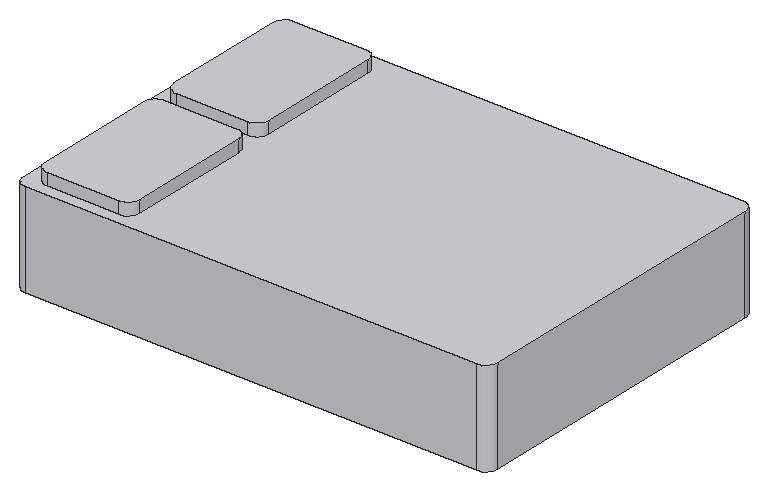
Revit family "Bed", category Furniture, Revit 2017
Family settings
  OmniClass Number = 23.40.20.00
  OmniClass Title = General Furniture and Specialties
  Work Plane-Based = Yes
  Always vertical = Yes
  Cut with Voids When Loaded = No
  Shared = No
  Room Calculation Point = No
Parameters (values of type "1400x2000mm")
  Single bed = no
  Pillow materiale = none
  Double bed = yes
  Distance from wall = 50 mm
  Default Elevation = 0 mm
  Creator Build [instance] = "2016.0418.0"  # constant formula
  Corner rounding = 50 mm
  Bed width = 1400 mm
  Bed materiale = none
  Bed length = 2000 mm
Types (5, lengths in mm): name | Single bed | Double bed | Bed width
  900x2000mm | yes | no | 900
  1600x2000mm | no | yes | 1600
  1800x2000mm | no | yes | 2000
  800x2000mm | yes | no | 800
  1400x2000mm | no | yes | 1400
Reference planes
  plane 1 "Center (Front/Back)": y = 0
  plane 2: z = 0
  plane 3 "Center (Left/Right)": x = 0
  plane 4: y = 700
  plane 5: y = -700
  plane 6 "Top bed": z = 400
  plane 7: x = 50
  plane 8 "Bed length": x = 2050
Forms (mm)
  Extrusion 1, solid, material <- "Bed materiale"
    sketch origin (0, 0, 0) x (1, 0, 0) y (0, 1, 0)
      loop
        arc (100, 700) -> (64.645, 685.355) -> (50, 650) r 50
        line (50, 650) -> (50, -650)
        arc (50, -650) -> (64.645, -685.355) -> (100, -700) r 50
        line (100, -700) -> (2000, -700)
        arc (2000, -700) -> (2035.355, -685.355) -> (2050, -650) r 50
        line (2050, -650) -> (2050, 650)
        arc (2050, 650) -> (2035.355, 685.355) -> (2000, 700) r 50
        line (2000, 700) -> (100, 700)
    from 0 to 400
  Extrusion 2, solid, material <- "Pillow materiale", visible <- "Double bed"
    sketch origin (0, 0, 400) x (-1, 0, 0) y (0, -1, 0)
      loop
        line (-150, 650) -> (-450, 650)
        arc (-450, 650) -> (-485.355, 635.355) -> (-500, 600) r 50
        line (-500, 600) -> (-500, 80)
        arc (-500, 80) -> (-485.355, 44.645) -> (-450, 30) r 50
        line (-450, 30) -> (-150, 30)
        arc (-150, 30) -> (-114.645, 44.645) -> (-100, 80) r 50
        line (-100, 80) -> (-100, 600)
        arc (-100, 600) -> (-114.645, 635.355) -> (-150, 650) r 50
      loop
        arc (-150, -650) -> (-114.645, -635.355) -> (-100, -600) r 50
        line (-100, -600) -> (-100, -80)
        arc (-100, -80) -> (-114.645, -44.645) -> (-150, -30) r 50
        line (-150, -30) -> (-450, -30)
        arc (-450, -30) -> (-485.355, -44.645) -> (-500, -80) r 50
        line (-500, -80) -> (-500, -600)
        arc (-500, -600) -> (-485.355, -635.355) -> (-450, -650) r 50
        line (-450, -650) -> (-150, -650)
    from 0 to 50
  Extrusion 3, solid, material <- "Pillow materiale", visible <- "Single bed"
    sketch origin (0, 0, 400) x (-1, 0, 0) y (0, -1, 0)
      loop
        line (-150, 650) -> (-450, 650)
        arc (-450, 650) -> (-485.355, 635.355) -> (-500, 600) r 50
        line (-500, 600) -> (-500, -600)
        arc (-500, -600) -> (-485.355, -635.355) -> (-450, -650) r 50
        line (-450, -650) -> (-150, -650)
        arc (-150, -650) -> (-114.645, -635.355) -> (-100, -600) r 50
        line (-100, -600) -> (-100, 600)
        arc (-100, 600) -> (-114.645, 635.355) -> (-150, 650) r 50
    from 0 to 50
Dimensions and locks
  "Distance from wall": plane 3 "Center (Left/Right)" to Extrusion 1 sketch curve
  equal spacing: plane 4, plane 1 "Center (Front/Back)", plane 5
  "Bed width": plane 4 to plane 5
  "Corner rounding": plane 5 to Extrusion 2 sketch curve
  "Corner rounding": Extrusion 1 to Extrusion 2 sketch curve  (x2)
  "Corner rounding": plane 4 to Extrusion 2 sketch curve
  locked: Extrusion 3 sketch curve to Extrusion 3 sketch curve at 400
  "Corner rounding": Extrusion 1 to Extrusion 3 sketch curve
  "Corner rounding": plane 4 to Extrusion 3 sketch curve
  "Corner rounding": plane 5 to Extrusion 3 sketch curve
  locked: Extrusion 2 sketch curve to Extrusion 2 sketch curve at 400  (x2)
  equal spacing: Extrusion 2 sketch curve, plane 1 "Center (Front/Back)", Extrusion 2 sketch curve
  "Distance from wall": plane 3 "Center (Left/Right)" to plane 7
  "Bed length": plane 7 to plane 8 "Bed length"
  "Corner rounding": radius of Extrusion 1 sketch curve  (x4)
  "Corner rounding": radius of Extrusion 2 sketch curve  (x8)
  "Corner rounding": radius of Extrusion 3 sketch curve  (x4)
  aligned and locked: level to plane 2
  aligned and locked: Extrusion 1 sketch curve to plane 4
  aligned and locked: Extrusion 1 sketch curve to plane 5
  aligned and locked: plane 6 "Top bed" to Extrusion 1
  aligned and locked: plane 8 "Bed length" to Extrusion 1
Automatic sketch dimensions
  Extrusion 1 sketch curve to plane 8 "Bed length" = 0 mm
  Extrusion 2 sketch curve to plane 1 "Center (Front/Back)" = 80 mm
